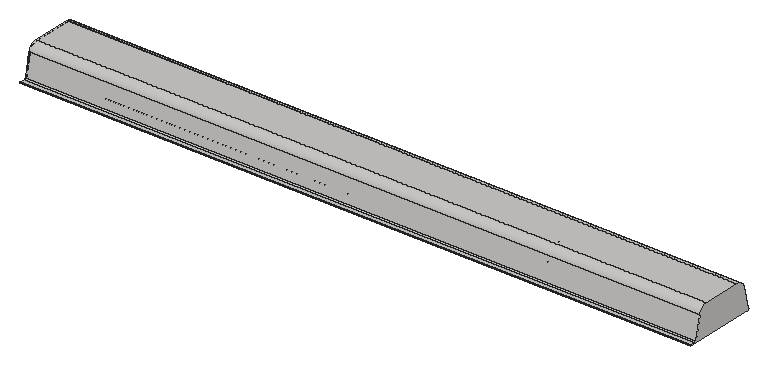
Revit family "PRD_AR_TpsAndWtrSpplOtltFttngs_FittingUnit_AQFU0226-AQFU0229 2", category Plumbing Fixtures, host Face, Revit 2023
Family settings
  Host = Face
  Round Connector Dimension = Use Diameter
  Part Type = Normal
  OmniClass Number = 23.45.55.11
  OmniClass Title = Sanitary Components
  Enable Cutting in Views = No
  Cut with Voids When Loaded = No
  Maintain Annotation Orientation = No
  Shared = No
  Room Calculation Point = No
Parameters (values of type "AQFU0226")
  Width = 1600.00 mm
  WashPlaceWidth = "800 mm"
  WarrantyStartDate [instance] = "1900-12-31T23:59:59"
  WarrantyGuarantorParts = "n/a"
  WarrantyGuarantorLabor = "n/a"
  WarrantyDurationUnit = "n/a"
  WarrantyDurationParts = "n/a"
  WarrantyDurationLabor = "n/a"
  WarrantyDescription = "n/a"
  Version = "1"
  Uniclass2015Version = "Products v1.38"
  Uniclass2015Title = "Taps and water supply outlet fittings"
  Uniclass2015Code = "Pr_40_20_87"
  URL = "www.kwc-professional.com"
  TypeOfMounting = "wall mounting"
  TypeOfMixing = "yes"
  Type IFC Predefined Type = "USERDEFINED"
  TagNumber [instance] = "n/a"
  SustainabilityPerformance = "n/a"
  Status = "New"
  Size = "1600 x 173 x 72 mm (W x H x D)"
  Shape = "n/a"
  SerialNumber [instance] = "n/a"
  Revision = "n/a"
  ReplacementCost = "n/a"
  Reference = "n/a"
  RearRight [instance] = not(RearLeft)  # yes
  RearLeft [instance] = no
  ProductInformation = "http://pim.kwc.com/product/2030064918/attachment/datasheet?locale=en"
  PositionOfWaterConnection = "from backside"
  OverallWidth = "1,600 mm"
  OverallHeight = "173 mm"
  OverallDepth = "72 mm"
  OutletSize = 15.0 mm
  NumberOfWashPlaces = "2"
  NominalWidth = 1600.00 mm
  NominalHeight = 173.00 mm
  NominalDepth = 72.00 mm
  Name = "Fitting unit for wall mounting AQFU0226"
  NBSTypeID = "n/a"
  NBSReference = "n/a"
  NBSOfficeMasterTag = "n/a"
  NBSNote = "n/a"
  NBSDescription = "n/a"
  NBSCertification = "n/a"
  ModelReference = "AQFU0226"
  ModelNumber = "2030064918"
  Model = ModelReference  # "AQFU0226"
  Material = "stainless steel"
  ManufacturerURL = "www.kwc-professional.com"
  ManufacturerName = "KWC Group Management AG"  # constant formula
  Manufacturer = ManufacturerName  # "KWC Group Management AG"
  InletSize = "G 3/4"
  HygieneFlushing = "no"
  HalfWidth = Width / 2  # 800.00 mm
  FlowHotWater = 0.0 L/s
  FlowColdWater = 0.0 L/s
  InletConversionSize = 20.0 mm
  InstallationDate [instance] = "1900-12-31T23:59:59"
  IfcExportType = "USERDEFINED"
  IfcExportAs = "IfcDistributionChamberElement"
  Grade = "n/a"
  Fitting = "separately"
  Finish = "satin finished"
  Features = "With 2 wash places, housing width 1600 mm. Wash place width 800 mm."
  Export Type to IFC As = "IfcDistributionChamberElementType"
  ExpectedLife = "n/a"
  DurationUnit = "n/a"
  Description = "Fitting unit ready for connection with 2 wash places, for wall mounting, for connection to hot and cold water from right or left at rear. Housing made of stainless steel, satin finished with pre-assembled fitting connection blocks and connection options for power supply to electronic fittings, stainless steel piping, hanging rail and mounting materials."
  Default Elevation = 1050.00 mm
  CreatedOn = "12/2025"  # constant formula
  Constituents = "n/a"
  ConnectorsOffset [instance] = if(RearRight, 70.00 mm, Width - 70.00 mm)  # 70.00 mm
  Color = "n/a"
  CodePerformance = "n/a"
  Circulation = "no"
  Category = "Pr_40_20_87, Taps and water supply outlet fittings"
  BodyMaterial = PRD_AR_StainlessSteel_SatinFinished
  BarCode [instance] = "n/a"
  BIMObjectName = "PRD_AR_TapsAndWaterSupplyOutletFittings_FittingUnit_AQFU0226"
  Author = "Archispace"  # constant formula
  AssetType = "Fixed"
  AssetIdentifier [instance] = "n/a"
  AccessibilityPerformance = "n/a"
Types (4, lengths in mm): name | Width | Size | ProductInformation | OverallWidth | NumberOfWashPlaces | NominalWidth | Name | ModelReference | ModelNumber | Model | HalfWidth | Features | Description | BIMObjectName
  AQFU0226 | 1600.00 | "1600 x 173 x 72 mm (W x H x D)" | "http://pim.kwc.com/product/2030064918/attachment/datasheet?locale=en" | "1,600 mm" | "2" | 1600.00 | "Fitting unit for wall mounting AQFU0226" | "AQFU0226" | "2030064918" | "AQFU0226" | 800.00 | "With 2 wash places, housing width 1600 mm. Wash place width 800 mm." | "Fitting unit ready for connection with 2 wash places, for wall mounting, for connection to hot and cold water from right or left at rear. Housing made of stainless steel, satin finished with pre-assembled fitting connection blocks and connection options for power supply to electronic fittings, stainless steel piping, hanging rail and mounting materials." | "PRD_AR_TapsAndWaterSupplyOutletFittings_FittingUnit_AQFU0226"
  AQFU0227 | 2400.00 | "2400 x 173 x 72 mm (W x H x D)" | "http://pim.kwc.com/product/2030064919/attachment/datasheet?locale=en" | "2,400 mm" | "3" | 2400.00 | "Fitting unit for wall mounting AQFU0227" | "AQFU0227" | "2030064919" | "AQFU0227" | 1200.00 | "With 3 wash places, housing width 2400 mm. Wash place width 800 mm." | "Fitting unit ready for connection with 3 wash places, for wall mounting, for connection to hot and cold water from right or left at rear. Housing made of stainless steel, satin finished with pre-assembled fitting connection blocks and connection options for power supply to electronic fittings, stainless steel piping, hanging rail and mounting materials." | "PRD_AR_TapsAndWaterSupplyOutletFittings_FittingUnit_AQFU0227"
  AQFU0228 | 3200.00 | "3200 x 173 x 72 mm (W x H x D)" | "http://pim.kwc.com/product/2030064920/attachment/datasheet?locale=en" | "3,200 mm" | "4" | 3200.00 | "Fitting unit for wall mounting AQFU0228" | "AQFU0228" | "2030064920" | "AQFU0228" | 1600.00 | "With 4 wash places, housing width 3200 mm. Wash place width 800 mm." | "Fitting unit ready for connection with 4 wash places, for wall mounting, for connection to hot and cold water from right or left at rear. Housing made of stainless steel, satin finished with pre-assembled fitting connection blocks and connection options for power supply to electronic fittings, stainless steel piping, hanging rail and mounting materials." | "PRD_AR_TapsAndWaterSupplyOutletFittings_FittingUnit_AQFU0228"
  AQFU0229 | 4000.00 | "4000 x 173 x 72 mm (W x H x D)" | "http://pim.kwc.com/product/2030064921/attachment/datasheet?locale=en" | "4,000 mm" | "5" | 4000.00 | "Fitting unit for wall mounting AQFU0229" | "AQFU0229" | "2030064921" | "AQFU0229" | 2000.00 | "With 5 wash places, housing width 4000 mm. Wash place width 800 mm." | "Fitting unit ready for connection with 5 wash places, for wall mounting, for connection to hot and cold water from right or left at rear. Housing made of stainless steel, satin finished with pre-assembled fitting connection blocks and connection options for power supply to electronic fittings, stainless steel piping, hanging rail and mounting materials." | "PRD_AR_TapsAndWaterSupplyOutletFittings_FittingUnit_AQFU0229"
Reference planes
  plane 1 "Center (Front/Back)": y = 0
  plane 2: z = 0
  plane 3 "Center (Left/Right)": x = 0
  plane 4: x = -730
  plane 5: x = -800
  plane 6: z = 35
Forms (mm)
  Sweep 1, solid, not visible
    path origin (0, 0, 0) x (1, 0, 0) y (0, 1, 0)
      loop
        line (0, 0) -> (-730, 0)
    profile origin (-365, 0, 0) x (0, -1, 0) y (0, 0, 1)
      loop
        circle (-34, 35) r 1
      loop
        circle (34, 35) r 1
Dimensions and locks
  "HalfWidth": plane 5 to plane 3 "Center (Left/Right)"
  "ConnectorsOffset": plane 5 to plane 4
  aligned and locked: host face to plane 2
  aligned and locked: host face to level
  aligned and locked: level to nested 1
  aligned and locked: plane 3 "Center (Left/Right)" to nested 1
  aligned and locked: plane 4 to Sweep 1 sketch curve
  aligned and locked: plane 3 "Center (Left/Right)" to Sweep 1 sketch curve
Automatic sketch dimensions
  host sketch curve to host sketch curve = 4000.00 mm
  host sketch curve to host sketch curve = 400.00 mm
  plane 1 "Center (Front/Back)" to Sweep 1 sketch curve = 0.00 mm
  profile plane to Sweep 1 sketch curve = 34.00 mm
  Sweep 1 sketch curve to profile plane = 34.00 mm
  level to Sweep 1 sketch curve = 35.00 mm  (x2)
  radius of Sweep 1 sketch curve = 1.00 mm  (x2)
Nested families
  nested 1: "AQFU02" at (0, 0, 0) x (1, 0, 0) z (0, 1, 0), type "AQFU02"
Connectors
  piping at (-730, 34, 35), diameter 20, driven by "InletConversionSize", driven by "FlowHotWater", driven by "InletSize"
    settings: on Sweep 1, index 1, connector inside diameter 609.6 mm, connector length 0.00 mm, flow factor 0, pipe flow 0.0 L/s, pressure drop 0.0 Pa, fitting loss kfactor 0, connector angle 0.00°, fixture units 0, engagement length 0.00 mm, angle of deflection 0.00°, flow configuration 0, flow direction 1, fitting loss method 0, system type 19, joint type 0, gender type 0, connector reference index -1, connector utility 0, adjustable connector no, is connector primary yes, connector description "G 3/4"
  piping at (-730, -34, 35), diameter 20, driven by "InletConversionSize", driven by "FlowColdWater", driven by "InletSize"
    settings: on Sweep 1, index 2, connector inside diameter 609.6 mm, connector length 0.00 mm, flow factor 0, pipe flow 0.0 L/s, pressure drop 0.0 Pa, fitting loss kfactor 0, connector angle 0.00°, fixture units 0, engagement length 0.00 mm, angle of deflection 0.00°, flow configuration 0, flow direction 1, fitting loss method 0, system type 20, joint type 0, gender type 0, connector reference index -1, connector utility 0, adjustable connector no, is connector primary no, connector description "G 3/4"
Definition of nested family "AQFU02"
  Parameters (values of type "AQFU02")
    Z = if([6 connections], X, 100.00 mm)  # 100.00 mm
    X = BasicWidth / 4  # 400.00 mm
    Width = 1600.00 mm
    W = if([4 connections], X, if([5 connections], X * 2, if([6 connections], X * 3, 100.00 mm)))  # 100.00 mm
    Right = yes
    L = if(Right, 225.00 mm, 39.00 mm)  # 225.00 mm
    Left = no
    R = if(Left, 225.00 mm, 39.00 mm)  # 39.00 mm
    Default Elevation = 1219.20 mm
    D = 14.00 mm
    BasicWidth = 1600.00 mm
    6 connections = Width = BasicWidth + 8 * X  # no
    5 connections = Width = BasicWidth + 6 * X  # no
    4 and 5 and 6 connections = Width > BasicWidth + 2 * X  # no
    3 and 5 connections = or(Width = BasicWidth + 2 * X, Width = BasicWidth + 6 * X)  # no
    2 connections = Width = BasicWidth  # yes
    3 connections = Width = BasicWidth + 2 * X  # no
    BodyMaterial = none
    4 connections = Width = BasicWidth + 4 * X  # no
  Reference planes
    plane 1 "Center (Front/Back)": y = 0
    plane 2: z = 0
    plane 3 "Center (Left/Right)": x = 0
    plane 4: x = -800
    plane 5: x = -798.5
    plane 6: x = -400
    plane 7: x = 400
    plane 8: x = 798.5
    plane 9: x = 800
    plane 10: x = -770.5
    plane 11: x = 770.5
    plane 12: y = -85.5
    plane 13: y = -71.5
    plane 14: y = -70
    plane 15: z = -18
    plane 16: z = 18
    plane 17: x = -100
    plane 18: x = 100
    plane 19: x = -100
    plane 20: x = 100
    plane 21: x = -625
    plane 22: x = 439
    plane 23: x = -525
    plane 24: x = 525
    plane 25: x = -640
    plane 26: x = 454
  Forms (mm)
    Sweep 1, solid, material <- "BodyMaterial", detail levels fine
      path origin (0, 0, 0) x (1, 0, 0) y (0, 0, 1)
        loop
          line (-800, 0) -> (800, 0)
      profile origin (0, 0, 0) x (0, 0, 1) y (0, -1, 0)
        loop
          arc (75, 0) -> (78.14, 1.522) -> (78.89, 4.931) r 4
          line (78.89, 4.931) -> (66.91, 55.003)
          arc (66.91, 55.003) -> (59.317, 66.879) -> (46, 71.5) r 21.5
          line (46, 71.5) -> (-45.98, 71.5)
          arc (-45.98, 71.5) -> (-59.464, 66.753) -> (-67.001, 54.606) r 21.525
          line (-67.001, 54.606) -> (-78.268, 3.462)
          arc (-78.268, 3.462) -> (-79.143, 2.051) -> (-80.709, 1.5) r 2.5
          line (-80.709, 1.5) -> (-93.5, 1.5) -> (-93.5, 0) -> (75, 0)
    Sweep 2, void
      path origin (0, 0, 0) x (1, 0, 0) y (0, 0, 1)
        loop
          line (-798.5, 0) -> (798.5, 0)
      profile origin (0, 0, 0) x (0, 0, 1) y (0, -1, 0)
        loop
          arc (75, 1.5) -> (76.963, 2.452) -> (77.431, 4.582) r 2.5
          line (77.431, 4.582) -> (65.451, 54.654)
          arc (65.451, 54.654) -> (58.388, 65.702) -> (46, 70) r 20
          line (46, 70) -> (-45.98, 70)
          arc (-45.98, 70) -> (-58.524, 65.584) -> (-65.536, 54.283) r 20.025
          line (-65.536, 54.283) -> (-77.164, 1.5) -> (75, 1.5)
    Sweep 3, void
      path origin (0, 0, 0) x (1, 0, 0) y (0, 0, 1)
        loop
          line (-770.5, 0) -> (770.5, 0)
      profile origin (0, 0, 0) x (0, 0, 1) y (0, -1, 0)
        loop
          line (64.5, 1.5) -> (-77.164, 1.5) -> (-77.494, 0) -> (64.5, 0) -> (64.5, 1.5)
    Sweep 4, solid
      path origin (0, 0, 0) x (1, 0, 0) y (0, 0, 1)
        loop
          line (-625, 0) -> (439, 0)
      profile origin (-93, 0, 0) x (0, 0, 1) y (0, -1, 0)
        loop
          circle (34, 35) r 34
    Sweep 5, solid
      path origin (0, 0, 0) x (1, 0, 0) y (0, 0, 1)
        loop
          line (-625, 0) -> (439, 0)
      profile origin (-93, 0, 0) x (0, 0, 1) y (0, -1, 0)
        loop
          circle (-34, 35) r 34
    Sweep 6, solid, material <- "BodyMaterial", detail levels fine
      path origin (0, 0, 0) x (1, 0, 0) y (0, 0, 1)
        loop
          line (-525, 0) -> (525, 0)
      profile origin (0, 0, 0) x (0, 0, 1) y (0, -1, 0)
        loop
          line (60.193, 0) -> (72.352, 4.426) -> (71.839, 5.835) -> (59.928, 1.5) -> (33, 1.5) -> (33, 0) -> (60.193, 0)
    Sweep 7, solid, visible <- "Right"
      path origin (0, 0, 0) x (1, 0, 0) y (0, 0, 1)
        loop
          line (-640, 0) -> (-625, 0)
      profile origin (-632.5, 0, 0) x (0, 0, 1) y (0, -1, 0)
        loop
          line (-42.66, 50) -> (-51.321, 35) -> (-42.66, 20) -> (-25.34, 20) -> (-16.679, 35) -> (-25.34, 50) -> (-42.66, 50)
        loop
          line (25.34, 50) -> (16.679, 35) -> (25.34, 20) -> (42.66, 20) -> (51.321, 35) -> (42.66, 50) -> (25.34, 50)
        loop
          circle (34, 35) r 13
        loop
          circle (-34, 35) r 13
    Sweep 8, solid, visible <- "Left"
      path origin (1240, 0, 0) x (1, 0, 0) y (0, 0, 1)
        loop
          line (-801, 0) -> (-786, 0)
      profile origin (446.5, 0, 0) x (0, 0, 1) y (0, -1, 0)
        loop
          line (-42.66, 50) -> (-51.321, 35) -> (-42.66, 20) -> (-25.34, 20) -> (-16.679, 35) -> (-25.34, 50) -> (-42.66, 50)
        loop
          line (25.34, 50) -> (16.679, 35) -> (25.34, 20) -> (42.66, 20) -> (51.321, 35) -> (42.66, 50) -> (25.34, 50)
        loop
          circle (34, 35) r 13
        loop
          circle (-34, 35) r 13
    Sweep 9, solid, material <- "BodyMaterial", detail levels medium
      path origin (0, 0, 0) x (1, 0, 0) y (0, 0, 1)
        loop
          line (-800, 0) -> (800, 0)
      profile origin (0, 0, 0) x (0, 0, 1) y (0, -1, 0)
        loop
          line (80.07, 0) -> (62.963, 71.5) -> (-63.279, 71.5) -> (-78.7, 1.5) -> (-93.5, 1.5) -> (-93.5, 0) -> (80.07, 0)
    Sweep 10, void
      path origin (0, 0, 0) x (1, 0, 0) y (0, 0, 1)
        loop
          line (-798.5, 0) -> (798.5, 0)
      profile origin (0, 0, 0) x (0, 0, 1) y (0, -1, 0)
        loop
          line (-77.494, 0) -> (78.528, 0) -> (61.779, 70) -> (-62.074, 70) -> (-77.494, 0)
    Sweep 11, solid, material <- "BodyMaterial", detail levels coarse
      path origin (0, 0, 0) x (1, 0, 0) y (0, 0, 1)
        loop
          line (-800, 0) -> (800, 0)
      profile origin (0, 0, 0) x (0, 0, 1) y (0, -1, 0)
        loop
          line (80.07, 0) -> (80.07, 71.5) -> (-93.5, 71.5) -> (-93.5, 0) -> (80.07, 0)
  Cuts and joins
    Sweep 2, Sweep 3 cuts Sweep 1
    Sweep 10 cuts Sweep 9
    Sweep 10 cuts Sweep 11
  Lines and regions (mm)
    model lines
      curve 1: circle (-400, -71.5, 0) r 7 normal (0, -1, 0)
      curve 2: line (-400, -71.5, 7) -> (-400, -71.5, -7)
      curve 3: line (-407, -71.5, 0) -> (-393, -71.5, 0)
      curve 4: circle (400, -71.5, 0) r 7 normal (0, 1, 0)
      curve 5: line (400, -71.5, 7) -> (400, -71.5, -7)
      curve 6: line (407, -71.5, 0) -> (393, -71.5, 0)
      curve 22: circle (-400, -71.5, 18) r 7.5 normal (0, -1, 0)
      curve 23: circle (400, -71.5, 18) r 7.5 normal (0, 1, 0)
      curve 29: circle (-400, -71.5, -18) r 7.5 normal (0, -1, 0)
      curve 30: circle (400, -71.5, -18) r 7.5 normal (0, 1, 0)
    model lines, visible <- "3 and 5 connections"
      curve 7: circle (0, -71.5, 0) r 7 normal (0, -1, 0)
      curve 8: line (0, -71.5, 7) -> (0, -71.5, -7)
      curve 9: line (-7, -71.5, 0) -> (7, -71.5, 0)
      curve 24: circle (0, -71.5, 18) r 7.5 normal (0, -1, 0)
      curve 31: circle (0, -71.5, -18) r 7.5 normal (0, -1, 0)
    model lines, visible <- "4 and 5 and 6 connections"
      curve 10: circle (-100, -71.5, 0) r 7 normal (0, -1, 0)
      curve 11: line (-100, -71.5, 7) -> (-100, -71.5, -7)
      curve 12: line (-107, -71.5, 0) -> (-93, -71.5, 0)
      curve 13: circle (100, -71.5, 0) r 7 normal (0, -1, 0)
      curve 14: line (100, -71.5, 7) -> (100, -71.5, -7)
      curve 15: line (93, -71.5, 0) -> (107, -71.5, 0)
      curve 25: circle (-100, -71.5, 18) r 7.5 normal (0, -1, 0)
      curve 26: circle (100, -71.5, 18) r 7.5 normal (0, -1, 0)
      curve 32: circle (-100, -71.5, -18) r 7.5 normal (0, -1, 0)
      curve 33: circle (100, -71.5, -18) r 7.5 normal (0, -1, 0)
    model lines, visible <- "6 connections"
      curve 16: circle (-100, -71.5, 0) r 7 normal (0, -1, 0)
      curve 17: line (-100, -71.5, 7) -> (-100, -71.5, -7)
      curve 18: line (-107, -71.5, 0) -> (-93, -71.5, 0)
      curve 19: circle (100, -71.5, 0) r 7 normal (0, -1, 0)
      curve 20: line (100, -71.5, 7) -> (100, -71.5, -7)
      curve 21: line (93, -71.5, 0) -> (107, -71.5, 0)
      curve 27: circle (-100, -71.5, 18) r 7.5 normal (0, -1, 0)
      curve 28: circle (100, -71.5, 18) r 7.5 normal (0, -1, 0)
      curve 34: circle (-100, -71.5, -18) r 7.5 normal (0, -1, 0)
      curve 35: circle (100, -71.5, -18) r 7.5 normal (0, -1, 0)
  Dimensions and locks
    equal spacing: plane 4, plane 3 "Center (Left/Right)", plane 9
    "Width": plane 4 to plane 9
    "X": plane 4 to plane 6
    "X": plane 7 to plane 9
    locked: plane 4 to plane 5 at 1.5
    locked: plane 8 to plane 9 at 1.5
    locked: plane 4 to plane 10 at 29.5
    locked: plane 11 to plane 9 at 29.5
    locked: plane 13 to plane 1 "Center (Front/Back)" at 71.5
    locked: plane 13 to plane 12 at 14
    locked: plane 14 to plane 13 at 1.5
    "W": plane 17 to plane 3 "Center (Left/Right)"
    "W": plane 18 to plane 3 "Center (Left/Right)"
    "Z": plane 3 "Center (Left/Right)" to plane 19
    "Z": plane 20 to plane 3 "Center (Left/Right)"
    locked: plane 21 to plane 25 at 15
    locked: plane 26 to plane 22 at 15
    "R": plane 7 to plane 22
    "L": plane 21 to plane 6
    locked: plane 6 to plane 23 at 125
    locked: plane 7 to plane 24 at 125
    "D": diameter of curve 1
    "D": diameter of curve 16
    "D": diameter of curve 10
    "D": diameter of curve 7
    "D": diameter of curve 19
    "D": diameter of curve 13
    "D": diameter of curve 4
    aligned and locked: level to plane 2
    aligned and locked: plane 4 to Sweep 1 sketch curve
    aligned and locked: plane 9 to Sweep 1 sketch curve
    aligned and locked: Sweep 1 sketch curve to level
    aligned and locked: plane 5 to Sweep 2 sketch curve
    aligned and locked: plane 8 to Sweep 2 sketch curve
    aligned and locked: Sweep 3 sketch curve to plane 1 "Center (Front/Back)"
    aligned and locked: plane 10 to Sweep 3 sketch curve
    aligned and locked: plane 11 to Sweep 3 sketch curve
    aligned and locked: plane 21 to Sweep 4 sketch curve
    aligned and locked: plane 22 to Sweep 4 sketch curve
    aligned and locked: Sweep 4 sketch curve to level
    aligned and locked: plane 21 to Sweep 5 sketch curve
    aligned and locked: plane 22 to Sweep 5 sketch curve
    aligned and locked: Sweep 5 sketch curve to level
    aligned and locked: plane 23 to Sweep 6 sketch curve
    aligned and locked: plane 24 to Sweep 6 sketch curve
    aligned and locked: Sweep 6 sketch curve to level
    aligned and locked: plane 21 to Sweep 7 sketch curve
    aligned and locked: plane 25 to Sweep 7 sketch curve
    aligned and locked: Sweep 7 sketch curve to level
    aligned and locked: plane 26 to Sweep 8 sketch curve
    aligned and locked: plane 22 to Sweep 8 sketch curve
    aligned and locked: plane 4 to Sweep 9 sketch curve
    aligned and locked: Sweep 9 sketch curve to level
    aligned and locked: plane 9 to Sweep 9 sketch curve
    aligned and locked: Sweep 10 sketch curve to level
    aligned and locked: plane 8 to Sweep 10 sketch curve
    aligned and locked: plane 5 to Sweep 10 sketch curve
    aligned and locked: plane 4 to Sweep 11 sketch curve
    aligned and locked: plane 9 to Sweep 11 sketch curve
    aligned and locked: Sweep 11 sketch curve to level
    aligned and locked: Sweep 11 sketch curve to plane 1 "Center (Front/Back)"
    aligned and locked: Sweep 11 sketch curve to plane 13
    aligned and locked: plane 6 to curve 1
    aligned and locked: level to curve 1
    aligned and locked: plane 7 to curve 5
    aligned and locked: level to curve 6
    aligned and locked: plane 7 to curve 4
    aligned and locked: level to curve 4
    aligned and locked: curve 8 to plane 3 "Center (Left/Right)"
    aligned and locked: curve 9 to level
    aligned and locked: level to curve 7
    aligned and locked: plane 3 "Center (Left/Right)" to curve 7
    aligned and locked: plane 17 to curve 11
    aligned and locked: curve 12 to level
    aligned and locked: plane 17 to curve 10
    aligned and locked: curve 14 to plane 18
    aligned and locked: curve 15 to level
    aligned and locked: plane 18 to curve 13
    aligned and locked: plane 19 to curve 16
    aligned and locked: plane 19 to curve 17
    aligned and locked: level to curve 16
    aligned and locked: curve 18 to level
    aligned and locked: level to curve 19
    aligned and locked: plane 20 to curve 19
    aligned and locked: curve 20 to plane 20
    aligned and locked: curve 21 to level
    aligned and locked: plane 6 to curve 22
    aligned and locked: plane 6 to curve 29
    aligned and locked: plane 19 to curve 27
    aligned and locked: plane 19 to curve 34
    aligned and locked: plane 3 "Center (Left/Right)" to curve 24
    aligned and locked: plane 3 "Center (Left/Right)" to curve 31
    aligned and locked: plane 20 to curve 28
    aligned and locked: plane 20 to curve 35
    aligned and locked: plane 7 to curve 23
    aligned and locked: plane 7 to curve 30
    aligned and locked: plane 17 to curve 25
    aligned and locked: plane 17 to curve 32
    aligned and locked: plane 18 to curve 33
    aligned and locked: plane 18 to curve 26
  Automatic sketch dimensions
    Sweep 1 sketch curve to plane 1 "Center (Front/Back)" = 0.00 mm
    profile plane to Sweep 1 sketch curve = 93.50 mm
    plane 1 "Center (Front/Back)" to Sweep 1 sketch curve = 4.00 mm
    Sweep 1 sketch curve to Sweep 1 sketch curve = 12.791 mm
    plane 1 "Center (Front/Back)" to Sweep 1 sketch curve = 3.462 mm
    Sweep 1 sketch curve to Sweep 1 sketch curve = 2.441 mm
    Sweep 1 sketch curve to Sweep 1 sketch curve = 11.267 mm
    Sweep 1 sketch curve to Sweep 1 sketch curve = 21.021 mm
    Sweep 1 sketch curve to profile plane = 46.00 mm
    Sweep 1 sketch curve to Sweep 1 sketch curve = 20.91 mm
    Sweep 1 sketch curve to Sweep 1 sketch curve = 8.09 mm
    plane 1 "Center (Front/Back)" to Sweep 1 sketch curve = 4.931 mm
    Sweep 1 sketch curve to Sweep 1 sketch curve = 3.89 mm
    plane 1 "Center (Front/Back)" to Sweep 1 sketch curve = 49.975 mm
    plane 1 "Center (Front/Back)" to Sweep 1 sketch curve = 50.00 mm
    Sweep 1 sketch curve to Sweep 1 sketch curve = 4.631 mm
    Sweep 2 sketch curve to level = 0.00 mm
    profile plane to Sweep 2 sketch curve = 1.50 mm
    profile plane to Sweep 2 sketch curve = 77.164 mm
    Sweep 2 sketch curve to Sweep 2 sketch curve = 11.628 mm
    Sweep 2 sketch curve to Sweep 2 sketch curve = 19.556 mm
    Sweep 2 sketch curve to profile plane = 46.00 mm
    Sweep 2 sketch curve to Sweep 2 sketch curve = 19.451 mm
    profile plane to Sweep 2 sketch curve = 4.00 mm
    Sweep 2 sketch curve to Sweep 2 sketch curve = 9.549 mm
    profile plane to Sweep 2 sketch curve = 4.582 mm
    profile plane to Sweep 2 sketch curve = 49.975 mm
    profile plane to Sweep 2 sketch curve = 50.00 mm
    Sweep 2 sketch curve to Sweep 2 sketch curve = 4.308 mm
    Sweep 3 sketch curve to level = 0.00 mm
    profile plane to Sweep 3 sketch curve = 77.494 mm
    profile plane to Sweep 3 sketch curve = 1.50 mm
    Sweep 3 sketch curve to Sweep 3 sketch curve = 0.33 mm
    Sweep 3 sketch curve to profile plane = 64.50 mm
    Sweep 4 sketch curve to profile plane = 34.00 mm
    plane 1 "Center (Front/Back)" to Sweep 4 sketch curve = 35.00 mm
    profile plane to Sweep 5 sketch curve = 34.00 mm
    plane 1 "Center (Front/Back)" to Sweep 5 sketch curve = 35.00 mm
    Sweep 6 sketch curve to plane 1 "Center (Front/Back)" = 0.00 mm
    Sweep 6 sketch curve to profile plane = 33.00 mm
    plane 1 "Center (Front/Back)" to Sweep 6 sketch curve = 1.50 mm
    Sweep 6 sketch curve to Sweep 6 sketch curve = 26.928 mm
    Sweep 6 sketch curve to Sweep 6 sketch curve = 0.264 mm
    plane 1 "Center (Front/Back)" to Sweep 6 sketch curve = 5.835 mm
    Sweep 6 sketch curve to Sweep 6 sketch curve = 11.911 mm
    profile plane to Sweep 7 sketch curve = 51.321 mm
    plane 1 "Center (Front/Back)" to Sweep 7 sketch curve = 20.00 mm  (x2)
    Sweep 7 sketch curve to Sweep 7 sketch curve = 8.66 mm  (x8)
    Sweep 7 sketch curve to Sweep 7 sketch curve = 17.321 mm  (x3)
    profile plane to Sweep 7 sketch curve = 16.679 mm
    Sweep 7 sketch curve to profile plane = 16.679 mm
    Sweep 7 sketch curve to Sweep 7 sketch curve = 15.00 mm  (x6)
    Sweep 7 sketch curve to Sweep 7 sketch curve = 0.00 mm  (x2)
    Sweep 8 sketch curve to level = 0.00 mm
    profile plane to Sweep 8 sketch curve = 51.321 mm
    plane 1 "Center (Front/Back)" to Sweep 8 sketch curve = 20.00 mm  (x2)
    Sweep 8 sketch curve to Sweep 8 sketch curve = 8.66 mm  (x6)
    Sweep 8 sketch curve to Sweep 8 sketch curve = 17.321 mm  (x5)
    profile plane to Sweep 8 sketch curve = 16.679 mm
    Sweep 8 sketch curve to profile plane = 16.679 mm
    Sweep 8 sketch curve to Sweep 8 sketch curve = 15.00 mm  (x7)
    Sweep 8 sketch curve to Sweep 8 sketch curve = 0.00 mm
    Sweep 9 sketch curve to profile plane = 0.00 mm
    profile plane to Sweep 9 sketch curve = 93.50 mm
    profile plane to Sweep 9 sketch curve = 1.50 mm
    Sweep 9 sketch curve to Sweep 9 sketch curve = 14.80 mm
    Sweep 9 sketch curve to Sweep 9 sketch curve = 15.421 mm
    Sweep 10 sketch curve to profile plane = 0.00 mm
    profile plane to Sweep 10 sketch curve = 77.494 mm
    Sweep 10 sketch curve to Sweep 10 sketch curve = 15.421 mm
    Sweep 10 sketch curve to Sweep 10 sketch curve = 16.748 mm
    profile plane to Sweep 11 sketch curve = 93.50 mm
    Sweep 11 sketch curve to profile plane = 80.07 mm
    Sweep 9 sketch curve to profile plane = 62.963 mm
    Sweep 9 sketch curve to Sweep 9 sketch curve = 17.107 mm
    profile plane to Sweep 9 sketch curve = 71.50 mm
    Sweep 10 sketch curve to profile plane = 61.779 mm
    profile plane to Sweep 10 sketch curve = 70.00 mm
    curve 10 to curve 16 = 0.00 mm
    curve 13 to curve 19 = 0.00 mm
    curve 25 to curve 27 = 0.00 mm
    curve 26 to curve 28 = 0.00 mm
    curve 32 to curve 34 = 0.00 mm
    curve 33 to curve 35 = 0.00 mm
    plane 6 to curve 2 = 0.00 mm
    curve 35 to plane 15 = 0.00 mm
    curve 34 to plane 15 = 0.00 mm
    curve 29 to plane 15 = 0.00 mm
    curve 30 to plane 15 = 0.00 mm
    curve 31 to plane 15 = 0.00 mm
    curve 3 to level = 0.00 mm
    curve 26 to plane 16 = 0.00 mm
    curve 25 to plane 16 = 0.00 mm
    curve 24 to plane 16 = 0.00 mm
    curve 23 to plane 16 = 0.00 mm
    curve 22 to plane 16 = 0.00 mm
    radius of Sweep 4 sketch curve = 34.00 mm
    radius of Sweep 5 sketch curve = 34.00 mm
    radius of Sweep 7 sketch curve = 13.00 mm  (x2)
    radius of Sweep 8 sketch curve = 13.00 mm  (x2)
    radius of curve 22 = 7.50 mm
    radius of curve 23 = 7.50 mm
    radius of curve 24 = 7.50 mm
    radius of curve 25 = 7.50 mm
    radius of curve 26 = 7.50 mm
    radius of curve 27 = 7.50 mm
    radius of curve 28 = 7.50 mm
    radius of curve 29 = 7.50 mm
    radius of curve 30 = 7.50 mm
    radius of curve 31 = 7.50 mm
    radius of curve 32 = 7.50 mm
    radius of curve 33 = 7.50 mm
    radius of curve 34 = 7.50 mm
    radius of curve 35 = 7.50 mm
